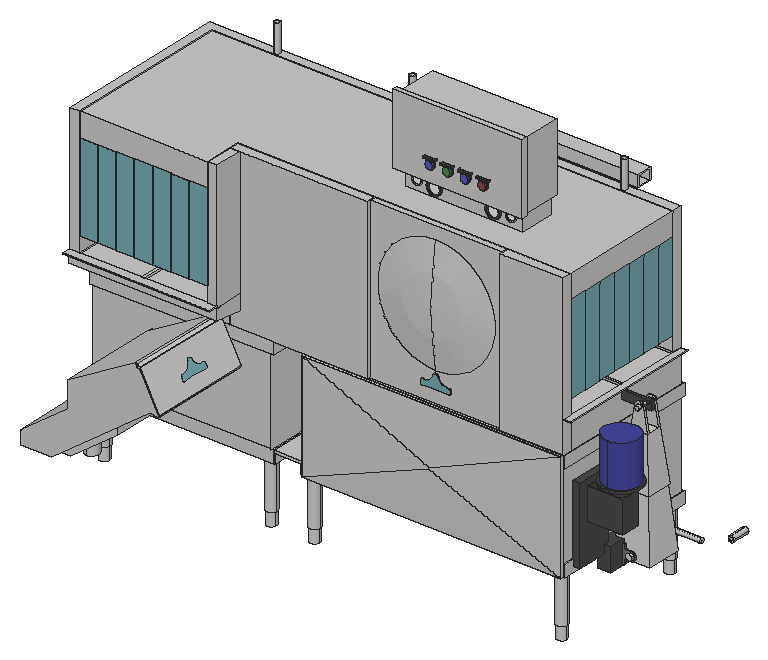
Revit family (continued)
Dimensions and locks (in)
  locked: plane 5 "RIGHT" to Extrusion 45 sketch curve at 1.375
  locked: plane 5 "RIGHT" to Extrusion 45 sketch curve at 7.625
  locked: plane 5 "RIGHT" to Extrusion 45 sketch curve at 6
  locked: plane 5 "RIGHT" to Extrusion 46 sketch curve at 6
  locked: plane 5 "RIGHT" to Extrusion 49 sketch curve at 6
  locked: plane 5 "RIGHT" to Extrusion 50 sketch curve at 6
  locked: plane 5 "RIGHT" to Blend 48 sketch curve at 6
  locked: Extrusion 61 sketch curve to plane 3 "BACK" at 0.75
  locked: plane 44 to plane 23 "Door Center" at 14.5
  locked: plane 44 to plane 45 at 29
  locked: plane 47 to plane 14 "Top of Machine" at 2
  locked: plane 46 to plane 3 "BACK" at 3
  Extrusion 64 sketch curve to plane 14 "Top of Machine" = 1' - 1"
  locked: plane 31 to Extrusion 64 sketch curve at 1
  locked: plane 48 to plane 3 "BACK" at 5
  locked: plane 49 to plane 14 "Top of Machine" at 29
  plane 51 to plane 50 "LEFT" = 0' - 0 3/8"
  locked: plane 52 to plane 19 at 5.375
  locked: plane 52 to plane 53 at 0.375
  "Width": plane 50 "LEFT" to plane 5 "RIGHT"
  "Depth": plane 3 "BACK" to plane 54 "FRONT"
  locked: plane 55 to plane 54 "FRONT" at 1.5
  locked: plane 56 to plane 54 "FRONT" at 0.1875
  locked: plane 54 "FRONT" to plane 59 at 10
  locked: plane 54 "FRONT" to plane 57 at 3.0625
  locked: plane 58 to plane 57 at 3.875
  locked: plane 59 to plane 60 at 0.125
  locked: plane 50 "LEFT" to plane 61 at 1.625
  locked: plane 61 to plane 62 at 21.75
  locked: plane 62 to plane 63 at 1.625
  plane 6 "Front of 44" to plane 64 = 0' - 0 13/16"
  plane 65 to plane 64 = 1' - 5 3/16"
  locked: plane 50 "LEFT" to plane 68 at 10.125
  locked: plane 68 to plane 69 at 4
  plane 70 "Drain" to plane 3 "BACK" = 0' - 3"
  locked: plane 70 "Drain" to plane 71 at 29
  locked: plane 50 "LEFT" to plane 72 at 5.5
  Extrusion 65 sketch curve to plane 5 "RIGHT" = 2' - 4"
  locked: plane 73 to level at 8.5
  Extrusion 61 sketch curve to plane 5 "RIGHT" = 0' - 9"
  plane 50 "LEFT" to Extrusion 102 sketch curve = 1' - 0"
  plane 50 "LEFT" to Extrusion 101 sketch curve = 2' - 11"
  locked: plane 74 to plane 50 "LEFT" at 1
  locked: plane 75 to plane 76 at 5
  locked: plane 5 "RIGHT" to plane 75 at 6
  locked: plane 77 to level at 8
  equal spacing: plane 24, plane 23 "Door Center", plane 25
  locked: plane 24 to plane 78 at 0.25
  locked: plane 79 to plane 25 at 0.25
  locked: plane 23 "Door Center" to plane 81 at 0.0625
  locked: plane 82 to plane 23 "Door Center" at 0.0625
  locked: plane 23 "Door Center" to plane 80 at 1.4375
  locked: plane 83 to plane 23 "Door Center" at 1.4375
  plane 65 to plane 54 "FRONT" = 1' - 1 1/4"
  aligned and locked: level to plane 1
  aligned and locked: Extrusion 1 sketch curve to plane 18
  aligned and locked: Extrusion 1 sketch curve to plane 19
  aligned and locked: plane 20 to Extrusion 1 sketch curve
  aligned and locked: Extrusion 1 to plane 12 "Bottom of Machine"
  aligned and locked: plane 16 to Extrusion 1
  aligned and locked: plane 2 "Left of 44" to Extrusion 2 sketch curve
  aligned and locked: Extrusion 2 sketch curve to plane 5 "RIGHT"
  aligned and locked: plane 6 "Front of 44" to Extrusion 2 sketch curve
  aligned and locked: plane 3 "BACK" to Extrusion 2 sketch curve
  aligned: plane 15 "Panel Top" to Extrusion 2
  aligned and locked: Extrusion 2 to plane 16
  aligned and locked: plane 5 "RIGHT" to Extrusion 3 sketch curve
  aligned and locked: plane 6 "Front of 44" to Extrusion 3 sketch curve
  aligned and locked: plane 9 "Right of Ledge" to Extrusion 3 sketch curve
  aligned and locked: plane 3 "BACK" to Extrusion 3 sketch curve
  aligned and locked: plane 3 "BACK" to Extrusion 4 sketch curve
  aligned and locked: Extrusion 4 sketch curve to plane 22
  aligned: Extrusion 4 to plane 15 "Panel Top"
  aligned and locked: plane 3 "BACK" to Extrusion 5 sketch curve
  aligned and locked: plane 21 to Extrusion 5 sketch curve
  aligned and locked: Extrusion 6 sketch curve to plane 5 "RIGHT"
  aligned and locked: Extrusion 6 sketch curve to plane 22
  aligned and locked: Extrusion 6 sketch curve to plane 21
  aligned and locked: plane 3 "BACK" to Extrusion 7 sketch curve
  aligned and locked: plane 21 to Extrusion 7 sketch curve
  aligned and locked: Extrusion 7 sketch curve to plane 5 "RIGHT"
  aligned and locked: Extrusion 7 to plane 13 "Table Height"
  aligned and locked: Extrusion 6 to plane 26 "Top of Opening"
  aligned and locked: plane 2 "Left of 44" to Blend 8 sketch curve
  aligned and locked: plane 12 "Bottom of Machine" to Blend 8 sketch curve
  aligned and locked: Blend 8 sketch curve to plane 15 "Panel Top"
  aligned and locked: Blend 8 sketch curve to plane 5 "RIGHT"
  aligned and locked: plane 6 "Front of 44" to Extrusion 1 sketch curve
  aligned and locked: plane 2 "Left of 44" to Extrusion 9 sketch curve
  aligned and locked: Extrusion 9 sketch curve to plane 6 "Front of 44"
  aligned and locked: plane 17 to Extrusion 9 sketch curve
  aligned and locked: Extrusion 9 sketch curve to plane 5 "RIGHT"
  aligned and locked: Extrusion 9 to plane 12 "Bottom of Machine"
  aligned and locked: plane 15 "Panel Top" to Extrusion 9
  aligned and locked: plane 25 to Extrusion 10 sketch curve
  aligned and locked: Extrusion 10 sketch curve to plane 14 "Top of Machine"
  aligned and locked: Extrusion 10 sketch curve to plane 5 "RIGHT"
  aligned and locked: plane 15 "Panel Top" to Extrusion 10 sketch curve
  aligned and locked: Extrusion 10 to plane 22
  aligned and locked: Extrusion 11 sketch curve to plane 25
  aligned and locked: plane 22 to Extrusion 11 sketch curve
  aligned and locked: plane 24 to Extrusion 11 sketch curve
  aligned and locked: Extrusion 11 to plane 15 "Panel Top"
  aligned and locked: plane 27 to Extrusion 13
  aligned and locked: Extrusion 14 to plane 27
  aligned and locked: plane 12 "Bottom of Machine" to Extrusion 14
  aligned and locked: plane 22 to Extrusion 21 sketch curve
  aligned and locked: plane 5 "RIGHT" to Extrusion 21 sketch curve  (x7)
  aligned and locked: plane 21 to Extrusion 21 sketch curve
  aligned and locked: Extrusion 22 sketch curve to plane 33
  aligned and locked: plane 32 "Front of Lower Panel" to Extrusion 22 sketch curve
  aligned and locked: plane 28 to Extrusion 22 sketch curve
  aligned and locked: plane 29 to Extrusion 22 sketch curve
  aligned and locked: Extrusion 23 sketch curve to plane 35 "Back of Panel"
  aligned and locked: plane 34 to Extrusion 23 sketch curve
  aligned and locked: plane 37 to Extrusion 23 sketch curve
  aligned and locked: Extrusion 23 sketch curve to plane 38
  aligned and locked: Extrusion 24 sketch curve to plane 34
  aligned and locked: plane 36 "Front of Upper Panel" to Extrusion 24 sketch curve
  aligned and locked: plane 30 to Extrusion 24 sketch curve
  aligned and locked: Extrusion 24 sketch curve to plane 31
  aligned and locked: Extrusion 27 sketch curve to Extrusion 26  (x2)
  aligned and locked: Extrusion 28 sketch curve to Extrusion 25  (x2)
  aligned and locked: Extrusion 31 sketch curve to Extrusion 30  (x2)
  aligned and locked: Extrusion 32 sketch curve to Extrusion 29  (x2)
  aligned and locked: Extrusion 40 sketch curve to plane 14 "Top of Machine"
  aligned and locked: Extrusion 40 sketch curve to plane 6 "Front of 44"
  aligned and locked: plane 22 to Extrusion 40 sketch curve
  aligned and locked: plane 21 to Extrusion 40 sketch curve
  aligned and locked: plane 3 "BACK" to Extrusion 40 sketch curve
  aligned and locked: plane 6 "Front of 44" to Extrusion 41 sketch curve
  aligned and locked: Extrusion 41 sketch curve to plane 14 "Top of Machine"
  aligned and locked: plane 3 "BACK" to Extrusion 41 sketch curve
  aligned and locked: plane 21 to Extrusion 41 sketch curve
  aligned and locked: plane 26 "Top of Opening" to Extrusion 41 sketch curve
  aligned and locked: plane 22 to Extrusion 41 sketch curve
  aligned and locked: Extrusion 41 to plane 39
  aligned and locked: plane 39 to Extrusion 40
  aligned and locked: Extrusion 42 sketch curve to plane 11
  aligned and locked: plane 40 to Extrusion 42 sketch curve
  aligned and locked: plane 41 to Extrusion 42 sketch curve
  aligned and locked: Extrusion 42 sketch curve to plane 42
  aligned and locked: Extrusion 43 sketch curve to Extrusion 42  (x4)
  aligned and locked: Extrusion 47 sketch curve to Extrusion 45
  aligned and locked: Blend 48 sketch curve to Extrusion 47  (x2)
  aligned and locked: Extrusion 57 sketch curve to Extrusion 55  (x2)
  aligned and locked: Extrusion 44 to plane 5 "RIGHT"
  aligned and locked: Extrusion 51 to plane 5 "RIGHT"
  aligned: nested 1 to cut or joined group of Extrusion 40, Extrusion 43
  aligned and locked: plane 11 to nested 1
  aligned and locked: plane 40 to nested 1
  aligned and locked: plane 42 to nested 1
  aligned and locked: nested 1 to plane 41
  aligned and locked: Extrusion 62 to plane 44
  aligned and locked: Extrusion 62 to plane 45
  aligned and locked: Extrusion 63 to plane 45
  aligned and locked: Extrusion 63 to plane 44
  aligned and locked: plane 3 "BACK" to curve 1
  aligned and locked: curve 3 to plane 5 "RIGHT"
  aligned and locked: plane 6 "Front of 44" to curve 2
  aligned and locked: curve 5 to plane 10 "Right End Cowl"
  aligned and locked: plane 44 to curve 7
  aligned and locked: plane 45 to curve 9
  aligned and locked: curve 8 to plane 46
  aligned and locked: plane 9 "Right of Ledge" to curve 10
  aligned and locked: curve 11 to plane 35 "Back of Panel"
  aligned and locked: plane 34 to curve 13
  aligned and locked: plane 37 to curve 12
  aligned and locked: curve 14 to plane 38
  aligned and locked: plane 30 to curve 18
  aligned and locked: plane 36 "Front of Upper Panel" to curve 17
  aligned and locked: curve 16 to plane 31
  aligned and locked: plane 42 to curve 22
  aligned and locked: curve 23 to plane 40
  aligned and locked: plane 11 to curve 21
  aligned and locked: curve 20 to plane 41
  aligned and locked: Extrusion 66 sketch curve to plane 18  (x2)
  aligned and locked: plane 48 to Extrusion 66 sketch curve
  aligned and locked: plane 45 to Extrusion 66 sketch curve
  aligned and locked: Extrusion 66 sketch curve to plane 46
  aligned and locked: plane 44 to Extrusion 66 sketch curve
  aligned: plane 43 "Top of Vents" to Extrusion 66
  aligned and locked: plane 4 "TOP" to Extrusion 66
  aligned and locked: plane 14 "Top of Machine" to Extrusion 67 sketch curve
  aligned and locked: Extrusion 67 sketch curve to plane 25
  aligned and locked: plane 24 to Extrusion 67 sketch curve
  aligned and locked: Extrusion 67 sketch curve to plane 49
  aligned and locked: Extrusion 67 to plane 22
  aligned and locked: Extrusion 66 sketch curve to plane 9 "Right of Ledge"
  aligned and locked: Extrusion 68 sketch curve to plane 48
  aligned and locked: Extrusion 68 sketch curve to plane 9 "Right of Ledge"
  aligned and locked: plane 18 to Extrusion 68 sketch curve
  aligned and locked: Extrusion 68 sketch curve to plane 10 "Right End Cowl"
  aligned and locked: plane 4 "TOP" to Extrusion 68
  aligned and locked: curve 26 to plane 10 "Right End Cowl"
  aligned and locked: curve 25 to plane 48
  aligned and locked: Extrusion 4 sketch curve to plane 5 "RIGHT"
  aligned and locked: Extrusion 5 sketch curve to plane 5 "RIGHT"  (x2)
  aligned and locked: plane 52 to Extrusion 76 sketch curve
  aligned and locked: plane 50 "LEFT" to Extrusion 76 sketch curve
  aligned and locked: plane 54 "FRONT" to Extrusion 7 sketch curve
  aligned and locked: plane 50 "LEFT" to Extrusion 7 sketch curve
  aligned and locked: Extrusion 7 sketch curve to plane 61
  aligned and locked: plane 50 "LEFT" to Extrusion 4 sketch curve
  aligned and locked: plane 50 "LEFT" to Extrusion 5 sketch curve
  aligned and locked: plane 61 to Extrusion 5 sketch curve
  aligned and locked: Extrusion 5 sketch curve to plane 54 "FRONT"
  aligned: Extrusion 4 sketch curve to plane 42
  aligned and locked: Extrusion 79 sketch curve to plane 24
  aligned and locked: plane 6 "Front of 44" to Extrusion 79 sketch curve
  aligned and locked: plane 22 to Extrusion 79 sketch curve
  aligned and locked: plane 62 to Extrusion 79 sketch curve
  aligned and locked: plane 54 "FRONT" to Extrusion 80 sketch curve
  aligned and locked: Extrusion 80 sketch curve to plane 63
  aligned and locked: plane 62 to Extrusion 80 sketch curve
  aligned and locked: Extrusion 80 sketch curve to plane 6 "Front of 44"
  aligned and locked: plane 62 to Extrusion 6 sketch curve
  aligned and locked: Extrusion 6 sketch curve to plane 54 "FRONT"
  aligned and locked: plane 67 to Extrusion 90 sketch curve
  aligned and locked: plane 68 to Extrusion 90 sketch curve
  aligned and locked: Extrusion 90 sketch curve to plane 66
  aligned and locked: Extrusion 90 sketch curve to plane 69
  aligned and locked: plane 64 to Extrusion 90
  aligned and locked: Extrusion 95 sketch curve to Extrusion 65  (x2)
  aligned and locked: Extrusion 97 sketch curve to Extrusion 96  (x2)
  aligned and locked: plane 54 "FRONT" to Extrusion 103 sketch curve
  aligned and locked: plane 74 to Extrusion 103 sketch curve
  aligned and locked: Extrusion 103 sketch curve to plane 51
  aligned and locked: Extrusion 103 sketch curve to plane 18
  aligned and locked: plane 22 to Extrusion 108 sketch curve
  aligned and locked: plane 6 "Front of 44" to Extrusion 108 sketch curve
  aligned and locked: plane 78 to Extrusion 108 sketch curve
  aligned and locked: Extrusion 108 sketch curve to plane 82
  aligned and locked: plane 22 to Extrusion 109 sketch curve
  aligned and locked: plane 6 "Front of 44" to Extrusion 109 sketch curve
  aligned and locked: Extrusion 109 sketch curve to plane 79
  aligned and locked: plane 81 to Extrusion 109 sketch curve
  aligned and locked: Extrusion 108 to plane 15 "Panel Top"
  aligned and locked: Extrusion 109 to plane 15 "Panel Top"
  aligned and locked: curve 59 to plane 24
  aligned and locked: curve 61 to plane 25
Automatic sketch dimensions
  Extrusion 4 sketch curve to plane 6 "Front of 44" = 0' - 0"
  Extrusion 4 sketch curve to plane 62 = 0' - 0"
  Extrusion 5 sketch curve to Extrusion 5 sketch curve = 0' - 0"  (x2)
  Extrusion 5 sketch curve to plane 54 "FRONT" = 0' - 0"
  plane 32 "Front of Lower Panel" to Extrusion 5 sketch curve = 0' - 2 3/4"
  Extrusion 5 sketch curve to plane 33 = 0' - 0 1/4"
  plane 33 to Extrusion 5 sketch curve = 0' - 0 1/4"
  Extrusion 5 sketch curve to plane 69 = 0' - 1 5/8"
  Extrusion 6 sketch curve to plane 61 = 0' - 0"
  Blend 8 sketch curve to plane 66 = 0' - 0 1/32"
  plane 66 to Blend 8 sketch curve = 0' - 0 1/32"
  Extrusion 25 sketch curve to Extrusion 25 sketch curve = 0' - 0"  (x2)
  Extrusion 26 sketch curve to Extrusion 26 sketch curve = 0' - 0"  (x2)
  Extrusion 29 sketch curve to Extrusion 29 sketch curve = 0' - 0"  (x2)
  Extrusion 30 sketch curve to Extrusion 30 sketch curve = 0' - 0"  (x2)
  Extrusion 33 sketch curve to Extrusion 33 sketch curve = 0' - 2"  (x3)
  Extrusion 33 sketch curve to Extrusion 33 sketch curve = 0' - 1"  (x2)
  Extrusion 33 sketch curve to plane 23 "Door Center" = 0' - 0 1/2"
  plane 23 "Door Center" to Extrusion 33 sketch curve = 0' - 0 1/2"
  plane 43 "Top of Vents" to Extrusion 33 sketch curve = 0' - 3"
  Extrusion 33 sketch curve to Extrusion 33 sketch curve = 0' - 0 1/4"  (x5)
  Extrusion 33 sketch curve to Extrusion 33 sketch curve = 0' - 0"
  Extrusion 38 sketch curve to Extrusion 38 sketch curve = 0' - 0 3/4"  (x4)
  Extrusion 38 sketch curve to Extrusion 38 sketch curve = 0' - 1 1/2"  (x2)
  plane 23 "Door Center" to Extrusion 38 sketch curve = 0' - 0 3/4"
  plane 43 "Top of Vents" to Extrusion 38 sketch curve = 0' - 1 7/8"  (x2)
  Extrusion 38 sketch curve to Extrusion 38 sketch curve = 0' - 0"
  Extrusion 38 sketch curve to Extrusion 38 sketch curve = 0' - 0 7/8"  (x4)
  Extrusion 42 sketch curve to plane 42 = 0' - 0 1/8"
  plane 41 to Extrusion 42 sketch curve = 0' - 0 1/8"
  Extrusion 42 sketch curve to plane 11 = 0' - 0 1/8"
  plane 40 to Extrusion 42 sketch curve = 0' - 0 1/8"
  Extrusion 46 sketch curve to plane 36 "Front of Upper Panel" = 0' - 0 3/16"
  Blend 48 sketch curve to plane 36 "Front of Upper Panel" = 0' - 0 3/16"
  Extrusion 49 sketch curve to plane 36 "Front of Upper Panel" = 0' - 0 3/16"
  Extrusion 50 sketch curve to plane 36 "Front of Upper Panel" = 0' - 0 3/16"
  Blend 58 sketch curve to plane 9 "Right of Ledge" = 0' - 0 5/16"
  Blend 58 sketch curve to plane 33 = 0' - 2 1/4"
  plane 35 "Back of Panel" to Blend 58 sketch curve = 0' - 1 3/4"
  Blend 58 sketch curve to plane 40 = 0' - 0 1/4"
  Blend 58 sketch curve to plane 11 = 0' - 0 1/4"
  Blend 58 sketch curve to plane 33 = 0' - 1 1/4"
  plane 35 "Back of Panel" to Blend 58 sketch curve = 0' - 0 3/4"
  Blend 58 sketch curve to plane 40 = 0' - 1 1/4"
  plane 40 to Blend 59 sketch curve = 0' - 0 1/2"
  plane 32 "Front of Lower Panel" to Blend 59 sketch curve = 0' - 3"
  plane 35 "Back of Panel" to Blend 59 sketch curve = 0' - 2 1/2"
  plane 9 "Right of Ledge" to Blend 59 sketch curve = 0' - 0 7/16"
  Blend 59 sketch curve to plane 9 "Right of Ledge" = 0' - 0 9/16"
  Blend 59 sketch curve to plane 33 = 0' - 2"
  plane 35 "Back of Panel" to Blend 59 sketch curve = 0' - 1 1/2"
  Blend 59 sketch curve to plane 40 = 0' - 0 1/2"
  Extrusion 62 sketch curve to plane 47 = 0' - 0"
  Extrusion 62 sketch curve to plane 14 "Top of Machine" = 0' - 0"
  Extrusion 62 sketch curve to plane 46 = 0' - 0"
  Extrusion 62 sketch curve to plane 46 = 0' - 0 1/8"
  Extrusion 62 sketch curve to plane 18 = 0' - 0 1/8"
  Extrusion 62 sketch curve to Extrusion 62 sketch curve = 0' - 0 1/8"
  plane 14 "Top of Machine" to Extrusion 62 sketch curve = 0' - 0 1/8"
  Extrusion 62 sketch curve to plane 47 = 0' - 0 1/8"
  Extrusion 63 sketch curve to plane 3 "BACK" = 0' - 0"
  Extrusion 63 sketch curve to plane 14 "Top of Machine" = 0' - 0"
  Extrusion 63 sketch curve to plane 3 "BACK" = 0' - 0 1/4"
  Extrusion 63 sketch curve to Extrusion 63 sketch curve = 0' - 0 1/8"
  Extrusion 66 sketch curve to plane 74 = 0' - 0"
  Extrusion 69 sketch curve to plane 54 "FRONT" = 0' - 0"
  Extrusion 69 sketch curve to plane 63 = 0' - 0"
  Extrusion 69 sketch curve to plane 50 "LEFT" = 0' - 0"
  plane 55 to Extrusion 69 sketch curve = 0' - 0"
  plane 57 to Extrusion 72 sketch curve = 0' - 0"
  plane 58 to Extrusion 72 sketch curve = 0' - 0"
  Extrusion 72 sketch curve to plane 63 = 0' - 0 1/16"
  Extrusion 72 sketch curve to Extrusion 72 sketch curve = 0' - 0 1/8"
  plane 50 "LEFT" to Extrusion 72 sketch curve = 0' - 0 3/16"
  plane 50 "LEFT" to Extrusion 72 sketch curve = 0' - 0 1/16"
  plane 57 to Extrusion 72 sketch curve = 0' - 0 1/8"
  Extrusion 72 sketch curve to plane 58 = 0' - 0 1/8"
  Extrusion 73 sketch curve to plane 6 "Front of 44" = 0' - 0"
  Extrusion 73 sketch curve to plane 18 = 0' - 0"
  Extrusion 73 sketch curve to plane 20 = 0' - 0"
  Extrusion 73 sketch curve to plane 19 = 0' - 0"
  Extrusion 74 sketch curve to plane 6 "Front of 44" = 0' - 0"
  Extrusion 74 sketch curve to plane 18 = 0' - 0"
  Extrusion 74 sketch curve to plane 53 = 0' - 0"
  Extrusion 74 sketch curve to plane 51 = 0' - 0"
  Extrusion 75 sketch curve to plane 6 "Front of 44" = 0' - 0"
  Extrusion 75 sketch curve to plane 18 = 0' - 0"
  Extrusion 75 sketch curve to plane 53 = 0' - 0"
  Extrusion 75 sketch curve to plane 51 = 0' - 0"
  Extrusion 76 sketch curve to plane 6 "Front of 44" = 0' - 0"
  plane 3 "BACK" to Extrusion 76 sketch curve = 0' - 0"
  Extrusion 77 sketch curve to plane 54 "FRONT" = 0' - 0"  (x7)
  Extrusion 77 sketch curve to plane 62 = 0' - 0"
  Extrusion 77 sketch curve to plane 69 = 0' - 0"
  Extrusion 77 sketch curve to plane 61 = 0' - 0"
  plane 62 to Extrusion 77 sketch curve = 0' - 3"
  Extrusion 77 sketch curve to Extrusion 77 sketch curve = 0' - 0 1/8"  (x8)
  Extrusion 77 sketch curve to Extrusion 77 sketch curve = 0' - 3"
  Extrusion 77 sketch curve to plane 54 "FRONT" = 0' - 0 1/8"  (x3)
  plane 68 to Extrusion 77 sketch curve = 0' - 0 7/8"
  Extrusion 77 sketch curve to plane 68 = 0' - 2 1/4"
  plane 72 to Extrusion 77 sketch curve = 0' - 0 3/4"
  Extrusion 77 sketch curve to Extrusion 77 sketch curve = 0' - 0"  (x2)
  plane 52 to Extrusion 81 sketch curve = 0' - 0 3/4"
  plane 21 to Extrusion 81 sketch curve = 0' - 0 5/8"
  plane 52 to Extrusion 82 sketch curve = 0' - 0 3/4"
  plane 21 to Extrusion 82 sketch curve = 0' - 0 5/8"
  Extrusion 85 sketch curve to plane 61 = 0' - 0 3/8"
  plane 21 to Extrusion 85 sketch curve = 0' - 0 5/8"
  Extrusion 86 sketch curve to plane 61 = 0' - 0 3/8"
  plane 21 to Extrusion 86 sketch curve = 0' - 0 5/8"
  plane 71 to Extrusion 94 sketch curve = 0' - 0.19589"
  Extrusion 94 sketch curve to plane 71 = 0' - 0.05553"
  Extrusion 94 sketch curve to plane 71 = 0' - 0.05894"
  Extrusion 94 sketch curve to plane 71 = 0' - 0.35898"
  plane 57 to Extrusion 94 sketch curve = 0' - 0.87828"
  plane 57 to Extrusion 94 sketch curve = 0' - 1.06985"
  Extrusion 94 sketch curve to Extrusion 94 sketch curve = 0' - 0.41934"
  plane 57 to Extrusion 94 sketch curve = 0' - 1.48954"
  Extrusion 94 sketch curve to Extrusion 94 sketch curve = 0' - 0.42496"
  Extrusion 94 sketch curve to Extrusion 94 sketch curve = 0' - 0"  (x2)
  Extrusion 94 sketch curve to Extrusion 94 sketch curve = 0' - 1.22253"
  Extrusion 94 sketch curve to plane 58 = 0' - 0.44239"
  Extrusion 94 sketch curve to plane 58 = 0' - 0.14236"
  Extrusion 94 sketch curve to plane 58 = 0' - 0.13895"
  plane 58 to Extrusion 94 sketch curve = 0' - 0.11247"
  Extrusion 94 sketch curve to Extrusion 94 sketch curve = 0' - 11.90119"
  Extrusion 94 sketch curve to Extrusion 94 sketch curve = 0' - 0.08323"
  Extrusion 94 sketch curve to Extrusion 94 sketch curve = 0' - 0.48493"  (x2)
  Extrusion 94 sketch curve to Extrusion 94 sketch curve = 0' - 1.96861"
  Extrusion 96 sketch curve to Extrusion 96 sketch curve = 0' - 0"  (x2)
  Extrusion 96 sketch curve to plane 71 = 0' - 0"
  Extrusion 96 sketch curve to plane 72 = 0' - 0"
  Extrusion 98 sketch curve to Extrusion 98 sketch curve = 0' - 0"  (x2)
  Extrusion 98 sketch curve to plane 72 = 0' - 0"
  Extrusion 98 sketch curve to plane 73 = 0' - 0"
  Extrusion 99 sketch curve to Extrusion 99 sketch curve = 0' - 0"  (x2)
  Extrusion 99 sketch curve to plane 70 "Drain" = 0' - 0"
  Extrusion 99 sketch curve to plane 73 = 0' - 0"
  Extrusion 100 sketch curve to plane 70 "Drain" = 0' - 0"
  Extrusion 100 sketch curve to plane 73 = 0' - 0"
  Extrusion 101 sketch curve to Extrusion 101 sketch curve = 0' - 0"  (x2)
  Extrusion 101 sketch curve to plane 41 = 0' - 0 11/16"
  Extrusion 102 sketch curve to Extrusion 102 sketch curve = 0' - 0"  (x2)
  Extrusion 102 sketch curve to plane 41 = 0' - 0 11/16"
  plane 59 to Extrusion 104 sketch curve = 0' - 0"
  Extrusion 104 sketch curve to plane 74 = 0' - 0"
  Extrusion 104 sketch curve to plane 51 = 0' - 0"
  Extrusion 104 sketch curve to plane 35 "Back of Panel" = 1' - 5 3/4"
  plane 59 to curve 29 = 0' - 0"
  plane 58 to curve 32 = 0' - 0"
  plane 57 to curve 33 = 0' - 0"
  curve 29 to plane 63 = 0' - 0"
  curve 27 to plane 50 "LEFT" = 0' - 0"
  curve 27 to plane 54 "FRONT" = 0' - 0"
  curve 5 to plane 6 "Front of 44" = 0' - 0"
  plane 3 "BACK" to curve 10 = 0' - 0"
  curve 2 to plane 63 = 0' - 0"
  curve 1 to plane 50 "LEFT" = 0' - 0"
  plane 56 to curve 29 = 0' - 0 1/16"
  curve 32 to plane 63 = 0' - 0 1/16"
  plane 50 "LEFT" to curve 30 = 0' - 0 1/16"
  Extrusion 105 sketch curve to plane 58 = 0' - 0 1/8"
  plane 57 to Extrusion 105 sketch curve = 0' - 0 1/8"
  Extrusion 105 sketch curve to plane 63 = 0' - 0 3/16"
  plane 50 "LEFT" to Extrusion 105 sketch curve = 0' - 0 3/16"
  Extrusion 112 sketch curve to plane 24 = 0' - 0.00922"
  plane 17 to Extrusion 112 sketch curve = 0' - 0.24249"
  Extrusion 113 sketch curve to plane 24 = 0' - 0.00922"
  plane 17 to Extrusion 113 sketch curve = 0' - 0.24249"
  Extrusion 114 sketch curve to plane 25 = 0' - 0.00922"
  plane 17 to Extrusion 114 sketch curve = 0' - 0.24249"
  Extrusion 115 sketch curve to plane 25 = 0' - 0.00922"
  plane 17 to Extrusion 115 sketch curve = 0' - 0.24249"
  curve 24 to plane 74 = 0' - 0"
  plane 3 "BACK" to curve 36 = 0' - 0"
  curve 36 to plane 50 "LEFT" = 0' - 0"
  plane 65 to curve 46 = 0' - 0"
  plane 57 to curve 44 = 0' - 0"
  plane 59 to curve 45 = 0' - 0"
  plane 59 to curve 49 = 0' - 0"
  plane 57 to curve 50 = 0' - 0"
  plane 55 to curve 37 = 0' - 0"
  curve 37 to plane 63 = 0' - 0"
  plane 64 to curve 47 = 0' - 0"
  plane 22 to curve 40 = 0' - 0"
  curve 40 to plane 24 = 0' - 0"
  curve 43 to plane 25 = 0' - 0"
  curve 25 to plane 9 "Right of Ledge" = 0' - 0"
  plane 59 to curve 35 = 0' - 0"
  curve 38 to plane 54 "FRONT" = 0' - 0"
  curve 35 to plane 54 "FRONT" = 0' - 0"
  curve 37 to plane 6 "Front of 44" = 0' - 0"
  curve 40 to plane 6 "Front of 44" = 0' - 0"
  curve 42 to plane 6 "Front of 44" = 0' - 0"
  curve 26 to plane 18 = 0' - 0"
  plane 61 to curve 46 = 0' - 0 1/2"
  curve 49 to plane 62 = 0' - 1.59828"
  plane 63 to curve 46 = 0' - 0.92367"
  plane 42 to curve 43 = 0' - 0 7/16"
  Revolve 12 sketch curve to plane 17 = 0' - 0"
  Revolve 12 sketch curve to plane 58 = 0' - 0 7/16"
  plane 42 to Revolve 12 sketch curve = 0' - 0 7/16"
  plane 32 "Front of Lower Panel" to Revolve 12 sketch curve = 0' - 2 3/4"
  Revolve 12 sketch curve to plane 26 "Top of Opening" = 0' - 7.74993"
  plane 48 to Revolve 12 sketch curve = 1' - 5.49935"
  Revolve 12 sketch curve to plane 26 "Top of Opening" = 0' - 8"  (x2)
  Extrusion 21 sketch curve to plane 36 "Front of Upper Panel" = 0' - 0 3/8"
  Extrusion 21 sketch curve to Extrusion 21 sketch curve = 0' - 0 1/8"  (x10)
  plane 32 "Front of Lower Panel" to Extrusion 21 sketch curve = 0' - 1 1/4"
  Extrusion 21 sketch curve to plane 33 = 0' - 1 5/8"
  Extrusion 21 sketch curve to plane 5 "RIGHT" = 0' - 0 1/8"  (x3)
  plane 35 "Back of Panel" to Extrusion 21 sketch curve = 0' - 1"
  Extrusion 21 sketch curve to Extrusion 21 sketch curve = 0' - 3"
  Extrusion 21 sketch curve to plane 70 "Drain" = 0' - 1 3/4"
  Extrusion 39 sketch curve to plane 23 "Door Center" = 0' - 0"
  plane 23 "Door Center" to Extrusion 39 sketch curve = 0' - 0.00035"
  plane 81 to Extrusion 39 sketch curve = 0' - 0.35719"
  plane 81 to Extrusion 39 sketch curve = 0' - 0.54876"
  plane 80 to Extrusion 39 sketch curve = 0' - 0.50556"
  plane 80 to Extrusion 39 sketch curve = 0' - 0.8056"
  Extrusion 39 sketch curve to Extrusion 39 sketch curve = 0' - 0.00341"  (x2)
  Extrusion 39 sketch curve to Extrusion 39 sketch curve = 0' - 0.25142"  (x2)
  Extrusion 39 sketch curve to plane 23 "Door Center" = 0' - 0.42461"
  Extrusion 39 sketch curve to Extrusion 39 sketch curve = 0' - 0"
  Extrusion 39 sketch curve to plane 82 = 0' - 0.54876"
  Extrusion 39 sketch curve to plane 83 = 0' - 0.50556"
  Extrusion 39 sketch curve to plane 83 = 0' - 0.8056"
  Extrusion 39 sketch curve to plane 13 "Table Height" = 0' - 2.43574"  (x2)
  Extrusion 39 sketch curve to Extrusion 39 sketch curve = 0' - 0.48493"  (x2)
  Extrusion 39 sketch curve to Extrusion 39 sketch curve = 0' - 0.08323"
  Extrusion 39 sketch curve to plane 66 = 0' - 0.5781"
  Extrusion 40 sketch curve to plane 41 = 0' - 0 1/16"
  plane 42 to Extrusion 40 sketch curve = 0' - 0 1/16"
  Extrusion 40 sketch curve to plane 14 "Top of Machine" = 0' - 0 1/8"
  Extrusion 40 sketch curve to plane 26 "Top of Opening" = 0' - 0.88572"
  Extrusion 40 sketch curve to Extrusion 40 sketch curve = 0' - 0.05178"  (x2)
  Extrusion 40 sketch curve to Extrusion 40 sketch curve = 0' - 1 1/2"  (x2)
  Extrusion 40 sketch curve to Extrusion 40 sketch curve = 0' - 0.17678"  (x2)
  plane 13 "Table Height" to Extrusion 40 sketch curve = 0' - 5.17678"
  Extrusion 41 sketch curve to plane 26 "Top of Opening" = 0' - 0 15/16"
  Extrusion 41 sketch curve to Extrusion 41 sketch curve = 0' - 1 5/8"  (x2)
  plane 13 "Table Height" to Extrusion 41 sketch curve = 0' - 5 1/8"
  plane 20 to Extrusion 44 sketch curve = 0' - 0"
  Extrusion 44 sketch curve to plane 5 "RIGHT" = 0' - 0"
  Extrusion 44 sketch curve to plane 16 = 0' - 0"
  plane 12 "Bottom of Machine" to Extrusion 44 sketch curve = 0' - 0 15/16"
  plane 67 to Extrusion 44 sketch curve = 0' - 0 11/16"
  Extrusion 45 sketch curve to plane 75 = 0' - 0"
  Extrusion 45 sketch curve to plane 22 = 0' - 1 5/8"
  Extrusion 45 sketch curve to plane 36 "Front of Upper Panel" = 0' - 1 1/2"
  Extrusion 45 sketch curve to plane 36 "Front of Upper Panel" = 0' - 0 3/16"
  Extrusion 45 sketch curve to plane 32 "Front of Lower Panel" = 0' - 0 1/8"
  Extrusion 45 sketch curve to Extrusion 45 sketch curve = 0' - 0 1/4"
  Extrusion 51 sketch curve to plane 5 "RIGHT" = 0' - 0"
  plane 11 to Extrusion 51 sketch curve = 0' - 1 3/16"
  plane 75 to Extrusion 51 sketch curve = 0' - 0 3/4"
  Extrusion 51 sketch curve to plane 13 "Table Height" = 0' - 2 5/16"
  Extrusion 51 sketch curve to Extrusion 51 sketch curve = 0' - 0 3/4"
  Extrusion 51 sketch curve to plane 13 "Table Height" = 0' - 0 13/16"
  Extrusion 52 sketch curve to plane 16 = 0' - 0"
  plane 20 to Extrusion 52 sketch curve = 0' - 0"
  Extrusion 52 sketch curve to plane 5 "RIGHT" = 0' - 0"
  Extrusion 52 sketch curve to plane 11 = 0' - 0 5/16"
  Extrusion 52 sketch curve to plane 73 = 0' - 0 1/16"
  plane 16 to Extrusion 52 sketch curve = 0' - 0 7/16"
  Extrusion 53 sketch curve to Extrusion 53 sketch curve = 0' - 0"  (x2)
  plane 12 "Bottom of Machine" to Extrusion 53 sketch curve = 0' - 0 7/16"
  plane 11 to Extrusion 53 sketch curve = 0' - 1 3/16"
  plane 11 to Extrusion 53 sketch curve = 0' - 0 9/16"  (x2)
  Extrusion 53 sketch curve to plane 12 "Bottom of Machine" = 0' - 0 5/16"
  plane 11 to Extrusion 53 sketch curve = 0' - 0 3/16"  (x2)
  Extrusion 53 sketch curve to plane 11 = 0' - 0 1/16"  (x2)
  Extrusion 53 sketch curve to Extrusion 53 sketch curve = 0' - 0 1/4"
  Extrusion 53 sketch curve to Extrusion 53 sketch curve = 0' - 0 5/16"
  Extrusion 53 sketch curve to plane 16 = 0' - 0 1/8"
  Extrusion 54 sketch curve to Extrusion 54 sketch curve = 0' - 0"  (x2)
  plane 12 "Bottom of Machine" to Extrusion 54 sketch curve = 0' - 0 7/16"
  plane 11 to Extrusion 54 sketch curve = 0' - 1 3/16"
  plane 11 to Extrusion 54 sketch curve = 0' - 0 9/16"  (x2)
  Extrusion 54 sketch curve to plane 12 "Bottom of Machine" = 0' - 0 5/16"
  plane 11 to Extrusion 54 sketch curve = 0' - 0 3/16"  (x2)
  Extrusion 54 sketch curve to plane 11 = 0' - 0 1/16"  (x2)
  Extrusion 54 sketch curve to Extrusion 54 sketch curve = 0' - 0 1/4"
  Extrusion 54 sketch curve to Extrusion 54 sketch curve = 0' - 0 5/16"
  Extrusion 54 sketch curve to plane 16 = 0' - 0 1/8"
  Extrusion 55 sketch curve to Extrusion 55 sketch curve = 0' - 0"  (x6)
  plane 15 "Panel Top" to Extrusion 55 sketch curve = 0' - 0 3/16"
  plane 75 to Extrusion 55 sketch curve = 0' - 0 9/16"
  plane 75 to Extrusion 55 sketch curve = 0' - 1.26188"
  Extrusion 55 sketch curve to Extrusion 55 sketch curve = 0' - 0.36312"  (x2)
  Extrusion 55 sketch curve to Extrusion 55 sketch curve = 0' - 0 3/8"
  Extrusion 55 sketch curve to plane 11 = 0' - 0 1/4"
  Extrusion 55 sketch curve to plane 13 "Table Height" = 0' - 1 9/16"
  Extrusion 55 sketch curve to Extrusion 55 sketch curve = 0' - 0.13295"
  Extrusion 56 sketch curve to Extrusion 56 sketch curve = 0' - 0"  (x6)
  plane 15 "Panel Top" to Extrusion 56 sketch curve = 0' - 0 3/16"
  plane 75 to Extrusion 56 sketch curve = 0' - 0 9/16"
  plane 75 to Extrusion 56 sketch curve = 0' - 1.26188"
  Extrusion 56 sketch curve to Extrusion 56 sketch curve = 0' - 0.36312"  (x2)
  Extrusion 56 sketch curve to Extrusion 56 sketch curve = 0' - 0 3/8"
  Extrusion 56 sketch curve to plane 11 = 0' - 0 1/4"
  Extrusion 56 sketch curve to plane 13 "Table Height" = 0' - 1 9/16"
  Extrusion 56 sketch curve to Extrusion 56 sketch curve = 0' - 0.13295"
  Extrusion 60 sketch curve to Extrusion 60 sketch curve = 0' - 0"  (x2)
  plane 12 "Bottom of Machine" to Extrusion 60 sketch curve = 0' - 0 7/16"
  plane 75 to Extrusion 60 sketch curve = 0' - 1 1/2"
  Extrusion 60 sketch curve to Extrusion 60 sketch curve = 0' - 0 1/2"
  Extrusion 61 sketch curve to Extrusion 61 sketch curve = 0' - 0"  (x2)
  Extrusion 65 sketch curve to Extrusion 65 sketch curve = 0' - 0"  (x2)
  Extrusion 65 sketch curve to plane 70 "Drain" = 0' - 0"
  Extrusion 70 sketch curve to plane 63 = 0' - 0"
  Extrusion 70 sketch curve to plane 62 = 0' - 0"
  Extrusion 70 sketch curve to plane 61 = 0' - 0"
  Extrusion 70 sketch curve to plane 50 "LEFT" = 0' - 0"
  Extrusion 70 sketch curve to plane 14 "Top of Machine" = 0' - 0"
  Extrusion 70 sketch curve to plane 63 = 0' - 0 1/8"
  plane 50 "LEFT" to Extrusion 70 sketch curve = 0' - 0 1/8"
  Extrusion 70 sketch curve to plane 14 "Top of Machine" = 0' - 0 1/8"
  Extrusion 70 sketch curve to plane 26 "Top of Opening" = 0' - 0.88572"
  Extrusion 70 sketch curve to Extrusion 70 sketch curve = 0' - 0.05178"  (x2)
  Extrusion 70 sketch curve to Extrusion 70 sketch curve = 0' - 1 1/2"  (x2)
  Extrusion 70 sketch curve to Extrusion 70 sketch curve = 0' - 0.17678"  (x2)
  plane 13 "Table Height" to Extrusion 70 sketch curve = 0' - 5.17678"
  Extrusion 71 sketch curve to plane 63 = 0' - 0"
  Extrusion 71 sketch curve to plane 62 = 0' - 0"
  Extrusion 71 sketch curve to plane 61 = 0' - 0"
  Extrusion 71 sketch curve to plane 14 "Top of Machine" = 0' - 0"
  Extrusion 71 sketch curve to plane 50 "LEFT" = 0' - 0"
  Extrusion 71 sketch curve to plane 26 "Top of Opening" = 0' - 0"
  Extrusion 71 sketch curve to plane 26 "Top of Opening" = 0' - 0 15/16"
  Extrusion 71 sketch curve to Extrusion 71 sketch curve = 0' - 1 5/8"  (x2)
  plane 13 "Table Height" to Extrusion 71 sketch curve = 0' - 5 1/8"
  Extrusion 78 sketch curve to plane 56 = 0' - 0"
  Extrusion 78 sketch curve to plane 6 "Front of 44" = 0' - 0"
  Extrusion 78 sketch curve to plane 13 "Table Height" = 0' - 2 3/4"
  Extrusion 78 sketch curve to plane 13 "Table Height" = 0' - 2 1/8"
  Extrusion 78 sketch curve to plane 13 "Table Height" = 0' - 0 1/4"
  Extrusion 83 sketch curve to plane 52 = 0' - 0 3/4"
  Extrusion 83 sketch curve to plane 22 = 0' - 0 5/8"
  Extrusion 84 sketch curve to plane 52 = 0' - 0 3/4"
  Extrusion 84 sketch curve to plane 22 = 0' - 0 5/8"
  plane 61 to Extrusion 87 sketch curve = 0' - 0 3/8"
  Extrusion 87 sketch curve to plane 22 = 0' - 0 5/8"
  plane 61 to Extrusion 88 sketch curve = 0' - 0 3/8"
  Extrusion 88 sketch curve to plane 22 = 0' - 0 5/8"
  Extrusion 89 sketch curve to plane 12 "Bottom of Machine" = 0' - 0"  (x2)
  plane 53 to Extrusion 89 sketch curve = 0' - 0"
  plane 19 to Extrusion 89 sketch curve = 0' - 0"
  Extrusion 89 sketch curve to plane 16 = 0' - 0"
  Extrusion 89 sketch curve to plane 53 = 0' - 0 3/8"
  Extrusion 89 sketch curve to Extrusion 89 sketch curve = 0' - 0 3/8"
  Extrusion 89 sketch curve to plane 16 = 0' - 0 3/8"
  plane 68 to Extrusion 91 sketch curve = 0' - 0"
  Extrusion 91 sketch curve to plane 62 = 0' - 1.78578"
  Extrusion 91 sketch curve to Extrusion 91 sketch curve = 0' - 0 3/32"
  Extrusion 91 sketch curve to Extrusion 91 sketch curve = 0' - 0 3/16"
  Extrusion 91 sketch curve to plane 62 = 0' - 0.6823"
  plane 67 to Extrusion 91 sketch curve = 0' - 0.00759"
  Extrusion 91 sketch curve to plane 63 = 0' - 0.78979"
  Extrusion 91 sketch curve to Extrusion 91 sketch curve = 0' - 0.15"
  plane 67 to Extrusion 91 sketch curve = 0' - 0.05118"
  Extrusion 91 sketch curve to Extrusion 91 sketch curve = 0' - 0.20624"
  Extrusion 91 sketch curve to plane 67 = 0' - 0.19293"
  plane 63 to Extrusion 91 sketch curve = 0' - 0.47383"
  plane 67 to Extrusion 91 sketch curve = 0' - 0.05066"
  Extrusion 91 sketch curve to Extrusion 91 sketch curve = 0' - 0.05624"
  plane 67 to Extrusion 91 sketch curve = 0' - 0.16803"
  plane 12 "Bottom of Machine" to Extrusion 91 sketch curve = 0' - 0 3/4"
  plane 72 to Extrusion 91 sketch curve = 0' - 2.03342"
  plane 61 to Extrusion 91 sketch curve = 0' - 0 1/2"
  plane 16 to Extrusion 91 sketch curve = 0' - 1"
  Extrusion 91 sketch curve to plane 66 = 0' - 0 1/4"
  plane 67 to Extrusion 91 sketch curve = 0' - 0 1/8"
  plane 15 "Panel Top" to Extrusion 91 sketch curve = 0' - 0.66948"
  Extrusion 91 sketch curve to Extrusion 91 sketch curve = 0' - 0.29927"
  Extrusion 91 sketch curve to Extrusion 91 sketch curve = 0' - 0.36274"
  Extrusion 92 sketch curve to plane 69 = 0' - 3.20842"
  plane 68 to Extrusion 92 sketch curve = 0' - 0.82074"
  plane 12 "Bottom of Machine" to Extrusion 92 sketch curve = 0' - 0 3/4"
  Extrusion 92 sketch curve to Extrusion 92 sketch curve = 0' - 1.77083"
  Extrusion 92 sketch curve to plane 66 = 0' - 2.47813"
  Extrusion 92 sketch curve to plane 66 = 0' - 1.15"
  plane 67 to Extrusion 93 sketch curve = 0' - 0.25605"
  plane 63 to Extrusion 93 sketch curve = 0' - 0.91636"
  Extrusion 93 sketch curve to Extrusion 93 sketch curve = 0' - 0.05518"  (x2)
  plane 67 to Extrusion 93 sketch curve = 0' - 0.19737"
  Extrusion 93 sketch curve to plane 62 = 0' - 0.63838"
  Extrusion 93 sketch curve to Extrusion 93 sketch curve = 0' - 0.07053"
  Extrusion 93 sketch curve to Extrusion 93 sketch curve = 0' - 0.10142"
  Extrusion 93 sketch curve to Extrusion 93 sketch curve = 0' - 0.16555"
  Extrusion 93 sketch curve to Extrusion 93 sketch curve = 0' - 0.56757"
  Extrusion 93 sketch curve to Extrusion 93 sketch curve = 0' - 0 1/16"
  Extrusion 93 sketch curve to Extrusion 93 sketch curve = 0' - 0 3/32"  (x2)
  plane 15 "Panel Top" to Extrusion 93 sketch curve = 0' - 0.72001"
  Extrusion 93 sketch curve to Extrusion 93 sketch curve = 0' - 0.29251"
  Extrusion 93 sketch curve to Extrusion 93 sketch curve = 0' - 0.31088"
  Extrusion 93 sketch curve to Extrusion 93 sketch curve = 0' - 0.08803"
  Extrusion 93 sketch curve to Extrusion 93 sketch curve = 0' - 0.31898"
  Extrusion 106 sketch curve to Extrusion 106 sketch curve = 0' - 0"  (x2)
  Extrusion 106 sketch curve to plane 12 "Bottom of Machine" = 0' - 0"
  plane 76 to Extrusion 106 sketch curve = 0' - 0"
  plane 75 to Sweep 107 sketch curve = 0' - 0"
  Sweep 107 sketch curve to plane 5 "RIGHT" = 0' - 0"
  Sweep 107 sketch curve to plane 12 "Bottom of Machine" = 0' - 0"
  Sweep 107 sketch curve to plane 77 = 0' - 0"
  plane 8 "Right of Top" to Sweep 107 sketch curve = 0' - 0 3/4"
  Sweep 107 sketch curve to Sweep 107 sketch curve = 0' - 0"  (x2)
  Sweep 107 sketch curve to plane 70 "Drain" = 0' - 0"
  profile plane to Sweep 107 sketch curve = 0' - 0"
  curve 51 to plane 6 "Front of 44" = 0' - 0"
  curve 60 to plane 6 "Front of 44" = 0' - 0"
  curve 61 to plane 6 "Front of 44" = 0' - 0"
  curve 59 to plane 6 "Front of 44" = 0' - 0"
  plane 22 to curve 51 = 0' - 0"
  plane 22 to curve 52 = 0' - 0"
  curve 51 to plane 81 = 0' - 0"
  curve 60 to plane 82 = 0' - 0"
  plane 64 to Sweep 110 sketch curve = 0' - 0.32001"
  Sweep 110 sketch curve to plane 17 = 0' - 0.13251"  (x2)
  Sweep 110 sketch curve to plane 6 "Front of 44" = 0' - 0.00751"  (x2)
  plane 13 "Table Height" to Sweep 110 sketch curve = 0' - 3 13/16"
  Sweep 110 sketch curve to plane 26 "Top of Opening" = 0' - 4 15/16"
  Sweep 110 sketch curve to profile plane = 0' - 0"  (x2)
  plane 64 to Sweep 111 sketch curve = 0' - 0.32001"
  Sweep 111 sketch curve to plane 17 = 0' - 0.13251"  (x2)
  Sweep 111 sketch curve to plane 6 "Front of 44" = 0' - 0.00751"  (x2)
  plane 13 "Table Height" to Sweep 111 sketch curve = 0' - 3 13/16"
  Sweep 111 sketch curve to plane 26 "Top of Opening" = 0' - 4 15/16"
  Sweep 111 sketch curve to profile plane = 0' - 0"  (x2)
  plane 64 to curve 58 = 0' - 0.32001"
  plane 64 to curve 53 = 0' - 0.32001"
  curve 54 to plane 6 "Front of 44" = 0' - 0.00751"
  curve 56 to plane 6 "Front of 44" = 0' - 0.00751"
  curve 57 to plane 6 "Front of 44" = 0' - 0.00751"
  curve 53 to plane 6 "Front of 44" = 0' - 0.00751"
  plane 80 to curve 57 = 0' - 0.36578"
  curve 58 to plane 80 = 0' - 0.00922"
  plane 83 to curve 54 = 0' - 0.36578"
  curve 55 to plane 83 = 0' - 0.00922"
  plane 83 to curve 65 = 0' - 0.33366"
  plane 35 "Back of Panel" to curve 65 = 0' - 1.37641"
  plane 35 "Back of Panel" to curve 64 = 0' - 3.8708"
  plane 83 to curve 64 = 0' - 0.33366"
  curve 64 to plane 70 "Drain" = 0' - 2.63481"
  plane 80 to curve 63 = 0' - 1.95866"
  curve 63 to plane 53 = 0' - 1.64616"
  radius of Extrusion 13 sketch curve = 0' - 0 13/16"
  radius of Extrusion 14 sketch curve = 0' - 0 15/16"
  radius of Extrusion 15 sketch curve = 0' - 0 13/16"
  radius of Extrusion 16 sketch curve = 0' - 0 15/16"
  radius of Extrusion 17 sketch curve = 0' - 0 13/16"
  radius of Extrusion 18 sketch curve = 0' - 0 15/16"
  radius of Extrusion 19 sketch curve = 0' - 0 13/16"
  radius of Extrusion 20 sketch curve = 0' - 0 15/16"
  radius of Extrusion 25 sketch curve = 0' - 1 1/4"
  radius of Extrusion 25 sketch curve = 0' - 1"
  radius of Extrusion 26 sketch curve = 0' - 0 3/4"
  radius of Extrusion 26 sketch curve = 0' - 0 7/8"
  radius of Extrusion 29 sketch curve = 0' - 1 1/4"
  radius of Extrusion 29 sketch curve = 0' - 1"
  radius of Extrusion 30 sketch curve = 0' - 0 3/4"
  radius of Extrusion 30 sketch curve = 0' - 0 7/8"
  radius of Extrusion 34 sketch curve = 0' - 0 5/8"
  radius of Extrusion 35 sketch curve = 0' - 0 5/8"
  radius of Extrusion 36 sketch curve = 0' - 0 5/8"
  radius of Extrusion 37 sketch curve = 0' - 0 5/8"
  radius of Extrusion 46 sketch curve = 0' - 1 1/16"
  radius of Blend 48 sketch curve = 0' - 2 1/16"
  radius of Extrusion 49 sketch curve = 0' - 3 1/4"
  radius of Extrusion 50 sketch curve = 0' - 2 7/8"
  radius of Extrusion 64 sketch curve = 0' - 0 1/4"
  radius of Extrusion 81 sketch curve = 0' - 0 13/16"
  radius of Extrusion 82 sketch curve = 0' - 0 15/16"
  radius of Extrusion 85 sketch curve = 0' - 0 13/16"
  radius of Extrusion 86 sketch curve = 0' - 0 15/16"
  radius of Extrusion 96 sketch curve = 0' - 1"
  radius of Extrusion 96 sketch curve = 0' - 1 1/8"
  radius of Extrusion 98 sketch curve = 0' - 1"
  radius of Extrusion 98 sketch curve = 0' - 1 1/8"
  radius of Extrusion 99 sketch curve = 0' - 1"
  radius of Extrusion 99 sketch curve = 0' - 1 1/8"
  radius of Extrusion 100 sketch curve = 0' - 1 1/8"
  radius of Extrusion 101 sketch curve = 0' - 0 3/8"
  radius of Extrusion 101 sketch curve = 0' - 0 1/2"
  radius of Extrusion 102 sketch curve = 0' - 0 3/8"
  radius of Extrusion 102 sketch curve = 0' - 0 1/2"
  radius of Extrusion 112 sketch curve = 0' - 0 1/4"
  radius of Extrusion 113 sketch curve = 0' - 0 1/4"
  radius of Extrusion 114 sketch curve = 0' - 0 1/4"
  radius of Extrusion 115 sketch curve = 0' - 0 1/4"
  radius of Extrusion 51 sketch curve = 0' - 0 3/8"
  radius of Extrusion 53 sketch curve = 0' - 0 1/2"
  radius of Extrusion 54 sketch curve = 0' - 0 1/2"
  radius of Extrusion 61 sketch curve = 0' - 0 3/8"
  radius of Extrusion 61 sketch curve = 0' - 0 1/2"
  radius of Extrusion 65 sketch curve = 0' - 1"
  radius of Extrusion 65 sketch curve = 0' - 1 1/8"
  radius of Extrusion 83 sketch curve = 0' - 0 13/16"
  radius of Extrusion 84 sketch curve = 0' - 0 15/16"
  radius of Extrusion 87 sketch curve = 0' - 0 13/16"
  radius of Extrusion 88 sketch curve = 0' - 0 15/16"
  radius of Extrusion 106 sketch curve = 0' - 0 3/8"
  radius of Extrusion 106 sketch curve = 0' - 0 1/2"
  radius of Sweep 107 sketch curve = 0' - 0 1/4"
  radius of Sweep 107 sketch curve = 0' - 0 3/8"
  radius of Sweep 110 sketch curve = 0' - 0 3/8"
  radius of Sweep 111 sketch curve = 0' - 0 3/8"
Nested families (in)
  nested 1: "QF_Stero_ER-76SC_L-R_S_EX" at (49.14022, -48.0625, 0), visible <- "Right Vent", Ventilation Remarks <- "Right Ventilation Remarks", Exhaust Volume <- "Right Exhaust Volume", Exhaust Vent Width <- "Right Exhaust Vent Width", Exhaust Vent Depth <- "Right Exhaust Vent Depth", Exhaust Static Press <- "Right Exhaust Static Press", Exhaust RI Height <- "Right Exhaust RI Height", Item Number <- "Right Exhaust Item Number", type "Nested"
    with Ventilation Remarks "", Item Number "-", Exhaust Volume 0 CFM, Exhaust Vent Width 0' - 3 7/8", Exhaust Vent Depth 2' - 0 7/8", Exhaust Static Press 0.00 in-wg, Exhaust RI Height 0' - 0"
  nested 2: "QF_Stero_ER-76SC_L-R_S_HW2" at (1.32772, -48.75, 0), Plumbing Remarks <- "Building Plumbing Remarks", Hot Water Temperature <- "Building Hot Water Temperature", Hot Water Size <- "Building Hot Water Size", Hot Water RI Height <- "Building Hot Water RI Height", Hot Water Minimum Pressure <- "Building Hot Water Minimum Pressure", Hot Water Maximum Pressure <- "Building Hot Water Maximum Pressure", Hot Water Flow <- "Building Hot Water Flow", Hot Water Consumption <- "Building Hot Water Consumption", Hot Water Connection Height <- "Building Hot Water Connection Height", Item Number <- "Building HW Item Number", type "Nested"
    with Plumbing Remarks "", Item Number "-", Hot Water Temperature 140 °F, Hot Water Size Radius 3/8", Hot Water Size 3/4", Hot Water RI Height 0' - 0", Hot Water Minimum Pressure 0.00 psi, Hot Water Maximum Pressure 0.00 psi, Hot Water Flow 0.00 GPM, Hot Water Consumption 0.00 GPM, Hot Water Connection Height 5' - 0"
Connectors (in)
  piping at (18.32772, -51, 6), driven by "Indirect Waste Flow"
    settings: on Extrusion 65, index 1, connector radius 1", flow factor 0, pipe flow 0.00 GPM, pressure drop 0.00 psi, fitting loss kfactor 0, connector angle 0.00°, fixture units 0, flow configuration 1, flow direction 2, fitting loss method 0, system type 16, connector reference index -1, connector utility 0, adjustable connector no, is connector primary yes, fitting loss table "", connector description "Right Indirect Waste"
  piping at (37.32772, -48.75, 60), driven by "Hot Water Flow"
    settings: on Extrusion 61, index 2, connector radius 3/8", flow factor 0, pipe flow 1.97 GPM, pressure drop 0.00 psi, fitting loss kfactor 0, connector angle 0.00°, fixture units 0, flow configuration 1, flow direction 1, fitting loss method 0, system type 19, connector reference index -1, connector utility 0, adjustable connector no, is connector primary no, fitting loss table "", connector description "Booster Hot Water"
  electrical at (34.32772, -59.9375, 68.5), driven by "Number of Poles", driven by "Volts", driven by "Apparent Power"
    settings: on Extrusion 64, index 3, voltage 480 V, apparent load 20760 VA, apparent load phase1 0 VA, apparent load phase2 0 VA, apparent load phase3 0 VA, power factor 1, load classification "Other", number of poles 3, system type 30, power factor state 1, is connector primary yes, connector utility no, sub classification motor no, connector description "Electric"
  hvac at (51.07772, -60.5, 59.5), driven by "Right Exhaust Volume", driven by "Right Exhaust Vent Depth", driven by "Right Exhaust Vent Width", driven by "Right Exhaust Vent Text"
    settings: on cut or joined group of Extrusion 42, Extrusion 43, index 5, duct flow 0 CFM, flow factor 0, pres drop 0.00 in-wg, loss coef 0, conn angle 0.00°, conn width 3 7/8", conn height 24 7/8", conn radius 12", duct sys type 3, conn prof type 1, flow config 1, flow direction 2, loss method 0, conn ref index -1, conn util no, is conn primary no, conn desc "Vent, Unload End"
  piping at (-28.17228, -80, 6), driven by "Indirect Waste Flow"
    settings: on Extrusion 96, index 6, connector radius 1", flow factor 0, pipe flow 0.00 GPM, pressure drop 0.00 psi, fitting loss kfactor 0, connector angle 0.00°, fixture units 0, flow configuration 1, flow direction 2, fitting loss method 0, system type 16, connector reference index -1, connector utility 0, adjustable connector no, is connector primary no, fitting loss table "", connector description "Left Indirect Waste"
  piping at (1.32772, -48.75, 60), driven by "Building Hot Water Flow"
    settings: on Extrusion 101, index 7, connector radius 3/8", flow factor 0, pipe flow 0.00 GPM, pressure drop 0.00 psi, fitting loss kfactor 0, connector angle 0.00°, fixture units 0, flow configuration 1, flow direction 1, fitting loss method 0, system type 19, connector reference index -1, connector utility 0, adjustable connector no, is connector primary no, fitting loss table "", connector description "Building Hot Water"
  piping at (-21.67228, -48.75, 60), driven by "Cold Water Flow"
    settings: on Extrusion 102, index 8, connector radius 3/8", flow factor 0, pipe flow 0.00 GPM, pressure drop 0.00 psi, fitting loss kfactor 0, connector angle 0.00°, fixture units 0, flow configuration 1, flow direction 1, fitting loss method 0, system type 20, connector reference index -1, connector utility 0, adjustable connector no, is connector primary no, fitting loss table "", connector description "Cold Water"
  hvac at (-21.17228, -82.75, 59.5), driven by "Exhaust Volume", driven by "Exhaust Vent Depth", driven by "Exhaust Vent Width", driven by "Exhaust Vent Text"
    settings: on cut or joined group of Extrusion 72, Extrusion 105, index 9, duct flow 0 CFM, flow factor 0, pres drop 0.00 in-wg, loss coef 0, conn angle 0.00°, conn width 24 7/8", conn height 3 7/8", conn radius 12", duct sys type 3, conn prof type 1, flow config 1, flow direction 2, loss method 0, conn ref index -1, conn util no, is conn primary yes, conn desc "Vent, Load End"
  piping at (57.32772, -51, 10), driven by "Steam Supply Volume"
    settings: on Extrusion 106, index 10, connector radius 3/8", flow factor 0, pipe flow 0.00 GPM, pressure drop 0.00 psi, fitting loss kfactor 0, connector angle 0.00°, fixture units 0, flow configuration 1, flow direction 1, fitting loss method 0, system type 7, connector reference index -1, connector utility 0, adjustable connector no, is connector primary no, fitting loss table "", connector description "Steam Supply"
  piping at (52.32772, -51, 8)
    settings: on Sweep 107, index 11, connector radius 1/4", flow factor 0, pipe flow 0.00 GPM, pressure drop 0.00 psi, fitting loss kfactor 0, connector angle 0.00°, fixture units 0, flow configuration 1, flow direction 2, fitting loss method 0, system type 8, connector reference index -1, connector utility 0, adjustable connector no, is connector primary no, fitting loss table "", connector description "Condensate Return"
Definition of nested family "QF_Stero_ER-76SC_L-R_S_EX"
  Parameters (values of type "Nested")
    Watermarked By = "http://revitwatermark.com"
    Ventilation Remarks [instance] = ""
    Type Comments = "⍁⍉⌁⌀⏭⎽⌇⍠⌜⍉⎖⌥⌦⌯⍭⏊⍻⍿⍊⏵⍊⏗⏠⍴⎡⌈⎀⍠⌓⌤⏘⎐⍀⌐⏬⏁⎈⏍⏦⎒⏬⌝⍩⍇⌣〈⎫〉⎁⏊⍥⍖⍥⍝⍦⌖⍀⏌⏭⎝⎼⏷⏞⍻⏯⎽⏷⏞⍻⏯⎽⏷⎺⌻⎝⍎⌧⏷⏟⏿⌿⍜⍦⍤⌁⍬⏶⏎⍊⏚⏉⎞⌡⎀⎪⏈⌟⌿⍾⍼⌟⌿⌢⏮⏝⏝⏛⎽⎻⎷⎳⎻⎗⌾⍼⎴⏿⏰⏑⏮⍮⍺⏼⏅⎏⌽⌻⍽⎝⍮⎧⎯⏛⎼⎮⍾⏬⏇⏎⏳⏦⏠⎧⎳⍷⏿⌏"
    Item Number [instance] = "-"
    Exhaust Volume [instance] = 0 CFM
    Exhaust Vent Width [instance] = 1' - 4"
    Exhaust Vent Depth [instance] = 0' - 4"
    Exhaust Static Press [instance] = 0.00 in-wg
    Exhaust RI Height [instance] = 0' - 0"
    Description = ""
    Assembly Code = ""
  Reference planes (in)
    plane 1 "Center (Back)": y = 0
    plane 2: z = 0
    plane 3 "Center (Left)": x = 0
    plane 4: x = 16
    plane 5: y = -4
  Lines and regions (in)
    symbolic lines, style "QF_Multiple Utilities"
      curve 1: line (0, 0, 0) -> (16, 0, 0)
      curve 2: line (0, -4, 0) -> (0, 0, 0)
      curve 3: line (16, -4, 0) -> (0, -4, 0)
      curve 4: line (16, 0, 0) -> (16, -4, 0)
      curve 5: line (16, 0, 0) -> (0, -4, 0)
      curve 6: line (0, 0, 0) -> (16, -4, 0)
  Dimensions and locks (in)
    "Exhaust Vent Width": plane 3 "Center (Left)" to plane 4
    "Exhaust Vent Depth": plane 1 "Center (Back)" to plane 5
    aligned and locked: level to plane 2
    aligned and locked: plane 1 "Center (Back)" to curve 1
    aligned and locked: plane 3 "Center (Left)" to curve 2
    aligned and locked: curve 3 to plane 5
    aligned and locked: curve 4 to plane 4
Definition of nested family "QF_Stero_ER-76SC_L-R_S_HW2"
  Parameters (values of type "Nested")
    Watermarked By = "http://revitwatermark.com"
    Type Comments = "⍁⍉⌁⌀⏭⎽⌇⍠⌜⍉⎖⌥⌦⌯⍭⏊⍻⍿⍊⏵⍊⏗⏠⍴⎡⌈⎀⍠⌓⌤⏘⎐⍀⌐⏬⏁⎈⏍⏦⎒⏬⌝⍩⍇⌣〈⎫〉⎁⏊⍥⍖⍥⍝⍦⌖⍀⏌⏭⎝⎼⏷⏞⍻⏯⎽⏷⏞⍻⏯⎽⏷⎺⌻⎝⍎⌧⏷⏟⏿⌿⍜⍦⍤⌁⍬⏶⏎⍊⏚⏉⎞⌡⎀⎪⏈⌟⌿⍾⍼⌟⌿⌢⏮⏝⏝⏛⎽⎻⎷⎳⎻⎗⌾⍼⎴⏿⏰⏑⏮⍮⍺⏼⏅⎏⌽⌻⍽⎝⍮⎧⎯⏛⎼⎮⍾⏬⏇⏎⏳⏦⏠⎧⎳⍷⏿⌏"
    Plumbing Remarks [instance] = ""
    Item Number [instance] = "-"
    Hot Water Temperature [instance] = 0 °F
    Hot Water Size [instance] = 1/4"
    Hot Water RI Height [instance] = 0' - 0"
    Hot Water Minimum Pressure [instance] = 0.00 psi
    Hot Water Maximum Pressure [instance] = 0.00 psi
    Hot Water Flow [instance] = 0.00 GPM
    Hot Water Consumption [instance] = 0.00 GPM
    Hot Water Connection Height [instance] = 0' - 0"
    Description = ""
    Hot Water Size Radius [instance] = Hot Water Size / 2  # 1/8"
    Assembly Code = ""
  Reference planes (in)
    plane 1 "Center (Back)": y = 0
    plane 2: z = 0
    plane 3 "Center (Left)": x = 0
  Lines and regions (in)
    symbolic lines, style "QF_Multiple Utilities"
      curve 1: circle (0, 0, 0) r 0.125 normal (0, 0, 1)
  Dimensions and locks (in)
    "Hot Water Size Radius": radius of curve 1
    aligned and locked: level to plane 2
  Automatic sketch dimensions
    plane 1 "Center (Back)" to curve 1 = 0' - 0"
    curve 1 to plane 3 "Center (Left)" = 0' - 0"
Types (3): name | Watermarked By | Volts | FL Amps | Apparent Power
  (no name) | "" | 480 V | 25 A | 20760 VA
  208/60/3 | "" | 208 V | 54.2 A | 19503.3 VA
  480/60/3 | "http://revitwatermark.com" | 480 V | 25 A | 20760 VA
